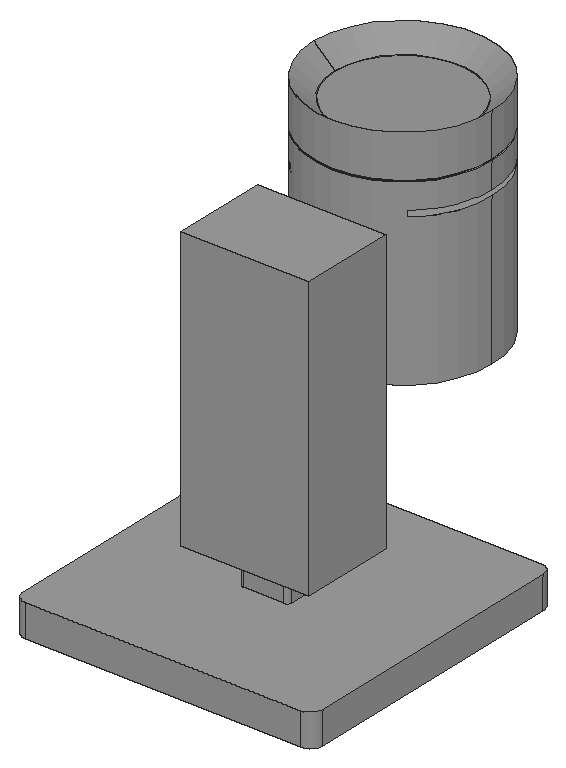
Revit family "Alcon-13307--M-Revit-Family", category Generic Models, host Face, Revit 2023
Family settings
  Host = Face
  Can host rebar = No
  Round Connector Dimension = Use Diameter
  Part Type = Normal
  Cut with Voids When Loaded = No
  Maintain Annotation Orientation = No
  Shared = No
  Room Calculation Point = No
Parameters (values of type "Square Canopy")
  URL = "https://www.alconlighting.com/"
  Square Canopy = yes
  Round Canopy = no
  Product Page = "https://www.alconlighting.com/13307-m.html"
  Model = "13307-M"
  Manufacturer = "Alcon Lighting"
  Housing = Housing
  Fixture Rotation = 90.00°
  Default Elevation = 4' - 0"
Types (3): name | Square Canopy | Round Canopy
  (no name) | yes | no
  Square Canopy | yes | no
  Round Canopy | no | yes
Reference planes (in)
  plane 1 "Center (Front/Back)": y = 0
  plane 2: z = 0
  plane 3 "Center (Left/Right)": x = 0
Forms (in)
  Extrusion 1, solid, material "Housing" <- "Housing"
    sketch origin (-0.75, 1.3125, 1) x (1, 0, 0) y (0, 1, 0)
      loop
        line (-0.23437, -2.05273) -> (1.73438, -2.05273) -> (1.73438, -0.57227) -> (-0.23437, -0.57227) -> (-0.23437, -2.05273)
    from 0 to 4.33984
  Extrusion 2, solid, material "Housing" <- "Housing"
    sketch origin (-0.375, 0, 0.5) x (1, 0, 0) y (0, 1, 0)
      loop
        line (0.0625, -0.375) -> (0.6875, -0.375)
        arc (0.6875, -0.375) -> (0.73169, -0.35669) -> (0.75, -0.3125) r 0.0625
        line (0.75, -0.3125) -> (0.75, 0.3125)
        arc (0.75, 0.3125) -> (0.73169, 0.35669) -> (0.6875, 0.375) r 0.0625
        line (0.6875, 0.375) -> (0.0625, 0.375)
        arc (0.0625, 0.375) -> (0.01831, 0.35669) -> (0, 0.3125) r 0.0625
        line (0, 0.3125) -> (0, -0.3125)
        arc (0, -0.3125) -> (0.01831, -0.35669) -> (0.0625, -0.375) r 0.0625
    from 0 to 0.5
  Extrusion 3, solid, material "Housing" <- "Housing", visible <- "Round Canopy"
    sketch origin (-0.375, 0, 0) x (1, 0, 0) y (0, 1, 0)
      loop
        circle (0.375, 0) r 2.5
    from 0 to 0.5
  Extrusion 4, solid, material "Housing" <- "Housing", visible <- "Square Canopy"
    sketch origin (0, 0, 0) x (1, 0, 0) y (0, 1, 0)
      loop
        line (-2.125, -2.3125) -> (2.125, -2.3125)
        arc (2.125, -2.3125) -> (2.25758, -2.25758) -> (2.3125, -2.125) r 0.1875
        line (2.3125, -2.125) -> (2.3125, 2.125)
        arc (2.3125, 2.125) -> (2.25758, 2.25758) -> (2.125, 2.3125) r 0.1875
        line (2.125, 2.3125) -> (-2.125, 2.3125)
        arc (-2.125, 2.3125) -> (-2.25758, 2.25758) -> (-2.3125, 2.125) r 0.1875
        line (-2.3125, 2.125) -> (-2.3125, -2.125)
        arc (-2.3125, -2.125) -> (-2.25758, -2.25758) -> (-2.125, -2.3125) r 0.1875
    from 0 to 0.5
Lines and regions (in)
  reference lines
    curve 1: line (-3.28302, 0, 3.75) -> (3.5881, 0, 3.75)
Dimensions and locks (in)
  "Fixture Rotation": angle curve 1 to nested 1
  aligned and locked: plane 2 to host face
  aligned and locked: level to host face
Automatic sketch dimensions
  host sketch curve to host sketch curve = 8' - 0"  (x2)
  Extrusion 2 to Extrusion 1 sketch curve = 0' - 0 39/64"  (x2)
  Extrusion 2 to Extrusion 1 sketch curve = 0' - 0.36523"  (x2)
  curve 1 to plane 3 "Center (Left/Right)" = 0' - 3.28302"
  level to curve 1 = 0' - 3 3/4"
  plane 3 "Center (Left/Right)" to curve 1 = 0' - 3.5881"
  plane 1 "Center (Front/Back)" to Extrusion 3 sketch curve = 0' - 0"
  Extrusion 3 sketch curve to plane 3 "Center (Left/Right)" = 0' - 0"
  Extrusion 4 sketch curve to plane 3 "Center (Left/Right)" = 0' - 2 5/16"
  Extrusion 4 sketch curve to Extrusion 4 sketch curve = 0' - 0 3/16"  (x3)
  plane 3 "Center (Left/Right)" to Extrusion 4 sketch curve = 0' - 2 1/8"  (x2)
  plane 1 "Center (Front/Back)" to Extrusion 4 sketch curve = 0' - 2 5/16"
  Extrusion 4 sketch curve to plane 1 "Center (Front/Back)" = 0' - 2 1/8"
  Extrusion 2 sketch curve to Extrusion 2 sketch curve = 0' - 0 1/16"  (x3)
  Extrusion 2 sketch curve to Extrusion 2 sketch curve = 0' - 0 5/8"  (x2)
  Extrusion 2 sketch curve to Extrusion 2 sketch curve = 0' - 0"
  radius of Extrusion 3 sketch curve = 0' - 2 1/2"
Nested families (in)
  nested 1: "Alcon-13307-Cylinder-Revit-Family" at (0, 2.30963, 4.25) x (0, 0, -1) z (0, -1, 0), type "Alcon-13307-Cylinder-Revit-Family"
    with built-in parameter 1001306 0.3125 (stored number, unit not read)
Definition of nested family "Alcon-13307-Cylinder-Revit-Family"
  Parameters (values of type "Alcon-13307-Cylinder-Revit-Family")
    Wattage = 9.2903 W
    built-in parameter 1150110 = 1 (stored number, unit not read)
    Traslucent Lens = none
    built-in parameter 1114217 = 1 (stored number, unit not read)
    Tilt Angle = 90.00°
    built-in parameter 1150109 = 1 (stored number, unit not read)
    built-in parameter 1150134 = 3
    built-in parameter 1150113 = 1 (stored number, unit not read)
    built-in parameter 1010507 = 1.5708 (stored number, unit not read)
    built-in parameter 1010506 = 0.5236 (stored number, unit not read)
    built-in parameter 1150105 = 4614.1 (stored number, unit not read)
    Lumens = 1380 lm
    built-in parameter 1150115 = 1 (stored number, unit not read)
    Light Source Symbol Length = 1' - 0"
    built-in parameter 1150137 = (empty or 0)
    built-in parameter 1150139 = (empty or 0)
    built-in parameter 1001306 [instance] = 4' - 0"
    built-in parameter 1150112 = 1 (stored number, unit not read)
    built-in parameter 1150114 = 1 (stored number, unit not read)
    built-in parameter 1150132 = (empty or 0)
    built-in parameter 1150102 = (empty or 0)
    built-in parameter 1150107 = 3200 (stored number, unit not read)
    built-in parameter 1150138 = (empty or 0)
    built-in parameter 1150106 = 46.141 (stored number, unit not read)
    Housing = none
    Emit from Circle Diameter = 0' - 2 13/128"
    Emit Shape Visible in Rendering = yes
    built-in parameter 1150104 = 13.8 (stored number, unit not read)
    Dimming Lamp Color Temperature Shift = (empty or 0)
    Default Elevation = 0' - 0"
    Color Filter = 16777215
    built-in parameter 1114218 = 1 (stored number, unit not read)
    built-in parameter 1150133 = 10 (stored number, unit not read)
  Reference planes (in)
    plane 1 "Center (Front/Back)": y = 0
    plane 2: z = 0
    plane 3 "Left": x = 0
    plane 4 "Right": x = 48
  Forms (in)
    Revolve 1, solid, material <- "Housing"
      sketch origin (0, 0, 0) x (1, 0, 0) y (0, 1, 0)
        loop
          line (1.25, 0) -> (1.25, 1.37891) -> (-1.55859, 1.37891) -> (-1.55859, 1.34766) -> (-1.58984, 1.34766) -> (-1.58984, 1.37891) -> (-2.25, 1.37891) -> (-1.95703, 1.05078) -> (-1.22348, 1.05078) -> (-1.22348, 0) -> (1.25, 0)
        axis (1.25, 0) -> (-2.25, 0)
      angle from 0 to 360
    Extrusion 2, void
      sketch origin (0, 0, 0) x (1, 0, 0) y (0, 0, 1)
        loop
          line (-1.1691, 1.04688) -> (-1.1691, -1.04688) -> (-1.0741, -1.04688) -> (-1.0741, 1.04688) -> (-1.1691, 1.04688)
      from -1.40073 to 1.39358
    Extrusion 3, solid, material <- "Traslucent Lens"
      sketch origin (-1.22348, 0, 0) x (0, 1, 0) y (0, 0, -1)
        loop
          circle (0, 0) r 1.05078
      from 0.68389 to 0.73355
    Extrusion 4, solid
      sketch origin (0, 0, 0) x (1, 0, 0) y (0, 1, 0)
        loop
          circle (0, 0) r 0.5
      from 1.21783 to 1.56939
  Cuts and joins
    Extrusion 2 cuts Revolve 1
  Lines and regions (in)
    reference lines
      curve 1: line (0, 0, 0) -> (48, 0, 0)
    model lines
      curve 2: line (0, 0, 0) -> (-21.5, 0, 0)
  Dimensions and locks (in)
    "built-in parameter 1001306": plane 3 "Left" to plane 4 "Right"
    aligned and locked: plane 4 "Right" to curve 1
    aligned and locked: plane 1 "Center (Front/Back)" to curve 1
    aligned and locked: plane 3 "Left" to curve 1
    aligned and locked: level to plane 2
  Automatic sketch dimensions
    Extrusion 2 sketch curve to plane 3 "Left" = 0' - 1.1691"
    Extrusion 2 sketch curve to Extrusion 2 sketch curve = 0' - 0.095"
    Extrusion 2 sketch curve to level = 0' - 1 3/64"
    level to Extrusion 2 sketch curve = 0' - 1 3/64"
    plane 1 "Center (Front/Back)" to Extrusion 4 sketch curve = 0' - 0"
    Extrusion 4 sketch curve to plane 3 "Left" = 0' - 0"
    plane 1 "Center (Front/Back)" to Revolve 1 sketch curve = 0' - 0"  (x2)
    Revolve 1 sketch curve to plane 3 "Left" = 0' - 2 1/4"
    Revolve 1 sketch curve to Revolve 1 sketch curve = 0' - 0 169/256"
    Revolve 1 sketch curve to Revolve 1 sketch curve = 0' - 0 1/32"  (x3)
    Revolve 1 sketch curve to plane 3 "Left" = 0' - 1.22348"
    plane 3 "Left" to Revolve 1 sketch curve = 0' - 1 1/4"
    Revolve 1 sketch curve to plane 1 "Center (Front/Back)" = 0' - 1 89/256"
    Revolve 1 sketch curve to Revolve 1 sketch curve = 0' - 0 75/256"
    Revolve 1 sketch curve to Revolve 1 sketch curve = 0' - 0.36871"
    plane 3 "Left" to Revolve 1 sketch curve = 0' - 0.02645"
    Revolve 1 sketch curve to Revolve 1 sketch curve = 0' - 0 19/64"
    plane 1 "Center (Front/Back)" to curve 2 = 0' - 0"
    curve 2 to plane 3 "Left" = 0' - 0"
    curve 2 to curve 2 = 1' - 9 1/2"
    radius of Extrusion 3 sketch curve to Revolve 1 = 0' - 0"
    radius of Extrusion 4 sketch curve = 0' - 0 1/2"
